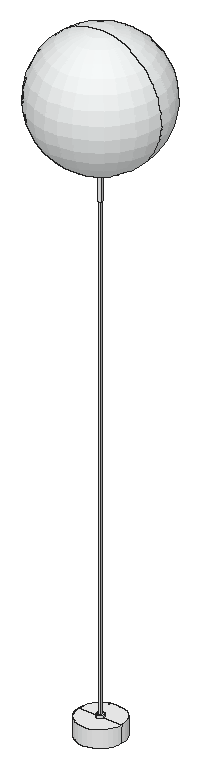
Revit family "56591.1_HOST_FACE_2015", category Lighting Fixtures, host Face, Revit 2015 (continued)
Types (5): name | Wattage | built-in parameter 1150134 | Photometric Web File | built-in parameter 1150142 | Model | built-in parameter 1150105 | Lumens | Lamp | built-in parameter 1150107 | built-in parameter 1150106 | Description | Default Elevation
    30 0.65 0.00 0.00 0.00 0.00 0.00 0.00 0.00 0.00 0.00 0.94 1.88 2.65 3.41 4.47 5.53 6.78 8.02 9.57 11.12\r\n 12.62 14.12 15.49 16.85 18.20 19.54 20.79 22.03 23.21 24.39 25.38 26.36 27.15 27.93 28.48 29.02 29.47 29.91 30.49 31.07 31.89 32.00\r\n0.99 1.00 1.02 1.02 1.02 1.04 1.06 1.09 1.13 1.14 1.16 1.17 1.20 1.23 1.26 1.27 1.29 1.31 1.32 1.33 1.34 1.34 1.34 1.35 1.35 1.34 1.33 1.32 1.32 1.32 1.31 0.72 0.08 0.00 0.00 0.00 0.00 0.00 0.00 0.00 0.11 1.01 1.91 2.67 3.45 4.48 5.54 6.84 8.13 9.66 11.19\r\n 12.67 14.16 15.52 16.89 18.23 19.57 20.81 22.05 23.23 24.40 25.39 26.37 27.15 27.93 28.48 29.02 29.47 29.91 30.49 31.07 31.89 32.00\r\n0.99 1.00 1.02 1.02 1.02 1.04 1.06 1.09 1.12 1.14 1.15 1.17 1.20 1.23 1.25 1.27 1.28 1.30 1.31 1.33 1.35 1.35 1.35 1.35 1.34 1.33 1.33 1.33 1.32 1.31 1.31 0.90 0.30 0.00 0.00 0.00 0.00 0.00 0.00 0.00 0.41 1.23 2.02 2.71 3.51 4.51 5.57 6.90 8.25 9.75 11.26\r\n 12.78 14.26 15.62 16.99 18.32 19.65 20.88 22.10 23.28 24.44 25.42 26.39 27.17 27.95 28.49 29.03 29.47 29.92 30.50 31.08 31.89 32.00\r\n0.99 1.00 1.02 1.02 1.03 1.04 1.06 1.09 1.12 1.13 1.14 1.17 1.20 1.23 1.25 1.26 1.28 1.30 1.32 1.33 1.35 1.35 1.35 1.35 1.34 1.34 1.33 1.33 1.33 1.32 1.31 1.18 0.64 0.15 0.00 0.00 0.00 0.00 0.00 0.20 0.83 1.56 2.24 2.89 3.73 4.71 5.79 7.07 8.43 9.89 11.39\r\n 12.94 14.42 15.78 17.12 18.45 19.76 20.98 22.19 23.36 24.50 25.48 26.43 27.21 27.97 28.51 29.04 29.48 29.92 30.50 31.08 31.90 32.00\r\n0.99 1.00 1.02 1.02 1.03 1.05 1.06 1.09 1.11 1.13 1.14 1.17 1.20 1.22 1.24 1.26 1.28 1.30 1.32 1.33 1.34 1.35 1.35 1.35 1.35 1.34 1.33 1.32 1.32 1.33 1.31 1.30 1.07 0.63 0.31 0.09 0.00 0.11 0.41 0.86 1.39 1.94 2.51 3.15 4.18 5.15 6.21 7.39 8.75 10.12 \r\n11.63 13.22 14.68 16.00 17.32 18.64 19.92 21.12 22.31 23.47 24.59 25.55 26.49 27.26 28.00 28.53 29.06 29.49 29.94 30.51 31.09 31.90 32.00\r\n0.99 1.00 1.02 1.02 1.03 1.05 1.06 1.09 1.11 1.12 1.14 1.17 1.19 1.22 1.24 1.26 1.27 1.29 1.31 1.32 1.34 1.35 1.35 1.35 1.34 1.33 1.32 1.32 1.33 1.32 1.31 1.32 1.30 1.18 0.92 0.80 0.80 0.95 1.22 1.60 2.00 2.42 2.89 3.67 4.62 5.65 6.75 7.82 9.29 10.71 \r\n12.13 13.63 15.01 16.29 17.58 18.87 20.12 21.30 22.47 23.61 24.70 25.65 26.55 27.32 28.04 28.57 29.08 29.51 29.96 30.53 31.11 31.91 32.00\r\n0.99 1.00 1.02 1.02 1.03 1.05 1.06 1.09 1.10 1.12 1.14 1.17 1.19 1.21 1.23 1.26 1.27 1.29 1.30 1.31 1.33 1.35 1.35 1.35 1.34 1.33 1.33 1.33 1.33 1.34 1.36 1.37 1.39 1.41 1.45 1.50 1.59 1.76 1.95 2.23 2.58 2.99 3.55 4.28 5.15 6.18 7.23 8.49 9.95 11.36 \r\n12.72 14.14 15.38 16.64 17.90 19.15 20.35 21.52 22.66 23.79 24.83 25.76 26.63 27.39 28.08 28.61 29.11 29.53 29.98 30.55 31.13 31.92 32.00\r\n0.99 1.00 1.02 1.02 1.03 1.05 1.06 1.08 1.10 1.12 1.14 1.16 1.18 1.20 1.23 1.25 1.27 1.28 1.29 1.31 1.33 1.34 1.35 1.35 1.35 1.34 1.35 1.36 1.38 1.40 1.46 1.50 1.54 1.60 1.72 1.85 2.03 2.25 2.49 2.80 3.17 3.74 4.38 5.04 5.87 6.85 7.85 9.19 10.62 11.99 \r\n13.28 14.58 15.80 17.03 18.25 19.48 20.63 21.78 22.88 23.99 24.98 25.90 26.73 27.48 28.14 28.65 29.14 29.56 30.01 30.57 31.15 31.93 32.00\r\n0.99 1.00 1.01 1.02 1.03 1.05 1.06 1.08 1.10 1.12 1.14 1.16 1.18 1.19 1.22 1.25 1.26 1.28 1.29 1.30 1.32 1.34 1.35 1.35 1.36 1.37 1.40 1.44 1.49 1.55 1.62 1.70 1.81 1.90 2.05 2.23 2.46 2.74 3.06 3.48 3.98 4.56 5.19 5.95 6.79 7.65 8.66 9.88 11.27 12.58 \r\n13.87 15.07 16.26 17.46 18.66 19.83 20.94 22.07 23.14 24.22 25.15 26.05 26.84 27.58 28.20 28.71 29.18 29.59 30.04 30.59 31.17 31.94 32.00\r\n0.99 1.00 1.01 1.02 1.03 1.05 1.06 1.08 1.10 1.12 1.14 1.16 1.18 1.19 1.21 1.24 1.25 1.27 1.28 1.29 1.31 1.33 1.35 1.37 1.40 1.44 1.51 1.58 1.66 1.76 1.85 1.98 2.13 2.29 2.51 2.76 3.06 3.39 3.77 4.22 4.77 5.36 6.04 6.84 7.71 8.61 9.51 10.61 11.90 13.23 \r\n14.44 15.58 16.79 17.91 19.09 20.21 21.29 22.37 23.42 24.45 25.34 26.22 26.97 27.70 28.26 28.76 29.22 29.62 30.08 30.62 31.20 31.95 32.00\r\n0.99 1.00 1.01 1.02 1.03 1.05 1.06 1.08 1.09 1.11 1.14 1.16 1.17 1.18 1.20 1.22 1.24 1.25 1.27 1.28 1.31 1.33 1.37 1.42 1.49 1.58 1.68 1.78 1.89 2.01 2.15 2.33 2.52 2.74 3.01 3.31 3.65 4.04 4.47 4.98 5.56 6.18 6.84 7.62 8.60 9.60 10.46 11.45 12.66 13.93 \r\n15.01 16.12 17.25 18.41 19.54 20.60 21.68 22.70 23.72 24.69 25.55 26.40 27.11 27.83 28.34 28.83 29.26 29.66 30.12 30.65 31.22 31.97 32.00\r\n0.99 1.00 1.01 1.02 1.03 1.05 1.06 1.07 1.09 1.11 1.13 1.15 1.17 1.18 1.20 1.21 1.23 1.24 1.25 1.28 1.31 1.37 1.45 1.53 1.64 1.76 1.89 2.02 2.16 2.33 2.50 2.71 2.96 3.25 3.56 3.91 4.31 4.75 5.22 5.77 6.38 7.01 7.69 8.49 9.43 10.46 11.41 12.34 13.48 14.55 \r\n15.60 16.68 17.78 18.89 19.98 21.01 22.05 23.06 24.05 24.93 25.78 26.57 27.26 27.95 28.42 28.90 29.31 29.70 30.16 30.68 31.26 31.98 32.00\r\n0.99 1.00 1.01 1.02 1.03 1.04 1.06 1.07 1.09 1.10 1.12 1.15 1.16 1.17 1.19 1.20 1.22 1.24 1.27 1.30 1.36 1.46 1.55 1.68 1.82 1.97 2.13 2.29 2.48 2.70 2.93 3.18 3.45 3.78 4.13 4.52 4.96 5.45 5.96 6.54 7.19 7.84 8.55 9.36 10.25 11.20 12.16 13.16 14.16 15.17\r\n 16.22 17.26 18.32 19.40 20.42 21.45 22.44 23.42 24.39 25.20 26.02 26.75 27.43 28.04 28.51 29.00 29.36 29.74 30.21 30.72 31.29 32.00 32.00\r\n0.99 1.00 1.01 1.02 1.03 1.04 1.06 1.07 1.08 1.10 1.12 1.14 1.15 1.16 1.18 1.20 1.21 1.25 1.28 1.33 1.46 1.56 1.71 1.84 2.03 2.21 2.40 2.61 2.83 3.09 3.37 3.66 3.98 4.34 4.74 5.19 5.67 6.18 6.72 7.32 7.97 8.66 9.38 10.19 11.05 11.96 12.91 13.86 14.82 \r\n15.83 16.82 17.86 18.89 19.89 20.88 21.88 22.84 23.79 24.68 25.48 26.28 26.94 27.61 28.15 28.60 29.05 29.42 29.79 30.26 30.76 31.33 32.02 32.00\r\n0.99 1.00 1.01 1.02 1.03 1.04 1.05 1.06 1.08 1.09 1.11 1.13 1.14 1.15 1.17 1.19 1.22 1.26 1.30 1.43 1.56 1.72 1.88 2.07 2.26 2.48 2.70 2.94 3.22 3.52 3.84 4.17 4.54 4.93 5.36 5.85 6.38 6.91 7.47 8.09 8.75 9.47 10.20 11.00 11.85 12.73 13.63 14.55 15.52 \r\n16.46 17.44 18.44 19.42 20.38 21.36 22.30 23.25 24.18 24.98 25.79 26.50 27.14 27.80 28.26 28.70 29.12 29.48 29.84 30.31 30.80 31.37 32.04 32.00\r\n0.99 1.00 1.01 1.02 1.03 1.04 1.05 1.06 1.07 1.09 1.11 1.12 1.13 1.15 1.17 1.18 1.24 1.28 1.39 1.54 1.70 1.89 2.09 2.30 2.53 2.76 3.04 3.32 3.62 3.97 4.33 4.70 5.12 5.55 6.02 6.54 7.09 7.64 8.23 8.85 9.52 10.27 11.02 11.79 12.61 13.48 14.35 15.26 16.17 \r\n17.11 18.07 19.01 19.95 20.89 21.82 22.75 23.67 24.52 25.29 26.07 26.73 27.35 27.95 28.38 28.81 29.19 29.54 29.90 30.37 30.85 31.41 32.06 32.00\r\n0.99 1.00 1.01 1.01 1.03 1.04 1.05 1.06 1.07 1.08 1.10 1.12 1.13 1.14 1.16 1.21 1.26 1.33 1.49 1.65 1.86 2.06 2.30 2.54 2.82 3.10 3.40 3.72 4.04 4.43 4.82 5.23 5.69 6.17 6.68 7.22 7.79 8.37 8.98 9.61 10.29 11.02 11.76 12.54 13.36 14.23 15.08 15.95 16.85 \r\n17.78 18.66 19.58 20.48 21.42 22.30 23.21 24.07 24.84 25.62 26.32 26.96 27.57 28.07 28.51 28.92 29.27 29.61 29.98 30.43 30.90 31.45 32.08 32.00\r\n0.99 1.00 1.01 1.01 1.02 1.04 1.05 1.05 1.06 1.07 1.09 1.11 1.12 1.13 1.17 1.23 1.29 1.42 1.58 1.79 2.02 2.26 2.52 2.81 3.12 3.44 3.77 4.11 4.49 4.90 5.32 5.76 6.24 6.75 7.29 7.87 8.46 9.06 9.69 10.35 11.04 11.77 12.52 13.30 14.09 14.92 15.77 16.64 17.53 \r\n18.37 19.25 20.14 21.03 21.91 22.79 23.66 24.43 25.18 25.97 26.57 27.19 27.80 28.21 28.63 29.02 29.35 29.68 30.06 30.50 30.95 31.50 32.11 32.00\r\n0.99 1.00 1.01 1.01 1.02 1.03 1.04 1.05 1.05 1.07 1.09 1.10 1.11 1.12 1.19 1.26 1.36 1.52 1.68 1.95 2.19 2.48 2.75 3.08 3.42 3.77 4.15 4.52 4.94 5.37 5.82 6.30 6.80 7.33 7.91 8.51 9.12 9.74 10.40 11.08 11.78 12.50 13.25 14.01 14.81 15.64 16.46 17.29 18.13\r\n 18.97 19.84 20.70 21.57 22.42 23.30 24.04 24.80 25.54 26.21 26.83 27.43 27.95 28.36 28.76 29.12 29.43 29.76 30.15 30.57 31.00 31.55 32.13 32.00\r\n0.99 1.00 1.01 1.01 1.02 1.03 1.04 1.04 1.05 1.06 1.08 1.09 1.10 1.11 1.20 1.28 1.45 1.62 1.85 2.11 2.40 2.70 3.02 3.36 3.72 4.09 4.50 4.92 5.38 5.85 6.33 6.84 7.37 7.92 8.53 9.16 9.81 10.44 11.10 11.78 12.49 13.22 13.99 14.74 15.51 16.31 17.10 17.91 \r\n18.74 19.58 20.41 21.26 22.10 22.95 23.69 24.44 25.17 25.86 26.47 27.09 27.65 28.09 28.51 28.90 29.22 29.52 29.84 30.23 30.64 31.06 31.60 32.16 32.00\r\n0.99 1.00 1.00 1.01 1.02 1.03 1.03 1.03 1.04 1.06 1.08 1.08 1.09 1.13 1.22 1.33 1.54 1.74 2.01 2.28 2.61 2.94 3.29 3.65 4.03 4.42 4.86 5.32 5.81 6.32 6.84 7.38 7.94 8.51 9.15 9.81 10.49 11.13 11.80 12.48 13.18 13.90 14.66 15.40 16.17 16.95 17.74 18.55 \r\n19.35 20.18 20.99 21.84 22.62 23.37 24.10 24.86 25.52 26.15 26.75 27.35 27.81 28.24 28.67 29.00 29.32 29.61 29.94 30.33 30.71 31.12 31.66 32.18 32.00\r\n0.99 1.00 1.00 1.01 1.02 1.03 1.03 1.03 1.04 1.06 1.07 1.07 1.08 1.15 1.25 1.42 1.63 1.88 2.16 2.46 2.81 3.17 3.56 3.95 4.35 4.79 5.23 5.73 6.25 6.78 7.34 7.91 8.50 9.09 9.73 10.39 11.07 11.75 12.43 13.12 13.82 14.54 15.30 16.06 16.84 17.59 18.38 19.17 \r\n19.97 20.78 21.58 22.31 23.04 23.79 24.52 25.20 25.82 26.44 27.04 27.53 27.97 28.39 28.82 29.12 29.42 29.71 30.05 30.42 30.79 31.21 31.71 32.21 32.00\r\n0.99 1.00 1.00 1.01 1.01 1.02 1.02 1.02 1.04 1.05 1.06 1.07 1.08 1.18 1.27 1.50 1.73 2.01 2.30 2.65 3.00 3.39 3.79 4.23 4.67 5.15 5.63 6.14 6.67 7.22 7.81 8.42 9.04 9.66 10.31 10.97 11.65 12.36 13.06 13.76 14.46 15.18 15.94 16.70 17.46 18.23 19.03 19.81 \r\n20.59 21.31 22.03 22.75 23.48 24.21 24.88 25.51 26.14 26.74 27.26 27.69 28.14 28.55 28.92 29.23 29.52 29.81 30.17 30.52 30.87 31.29 31.77 32.24 32.00\r\n0.99 1.00 1.00 1.01 1.01 1.02 1.02 1.02 1.03 1.05 1.05 1.06 1.10 1.20 1.33 1.58 1.83 2.14 2.45 2.81 3.18 3.60 4.02 4.48 4.95 5.46 5.99 6.53 7.08 7.66 8.26 8.88 9.52 10.17 10.85 11.54 12.26 12.95 13.66 14.36 15.07 15.80 16.56 17.34 18.09 18.85 19.60 20.34 \r\n21.07 21.78 22.50 23.20 23.89 24.55 25.22 25.83 26.45 26.95 27.43 27.86 28.30 28.69 29.03 29.35 29.63 29.95 30.29 30.62 30.95 31.38 31.83 32.27 32.00\r\n0.99 1.00 1.00 1.00 1.01 1.01 1.01 1.01 1.03 1.05 1.05 1.05 1.12 1.22 1.40 1.66 1.94 2.26 2.60 2.97 3.37 3.80 4.25 4.72 5.22 5.74 6.30 6.87 7.46 8.06 8.70 9.34 10.00 10.68 11.39 12.12 12.86 13.55 14.26 14.96 15.67 16.38 17.13 17.90 18.61 19.35 20.09 20.83\r\n 21.55 22.26 22.93 23.60 24.26 24.91 25.56 26.14 26.65 27.13 27.59 28.04 28.44 28.81 29.15 29.48 29.75 30.09 30.41 30.73 31.04 31.47 31.89 32.30 32.00\r\n0.99 1.00 1.00 1.00 1.01 1.01 1.01 1.01 1.03 1.04 1.04 1.04 1.14 1.24 1.47 1.74 2.04 2.37 2.74 3.12 3.55 3.99 4.48 4.97 5.49 6.02 6.62 7.22 7.83 8.46 9.12 9.79 10.46 11.16 11.87 12.60 13.34 14.04 14.76 15.46 16.18 16.89 17.64 18.41 19.13 19.86 20.58 21.29\r\n 21.97 22.66 23.33 24.00 24.65 25.28 25.81 26.33 26.83 27.31 27.77 28.20 28.58 28.95 29.27 29.60 29.91 30.24 30.54 30.83 31.16 31.56 31.95 32.33 32.00\r\n0.99 1.00 1.00 1.00 1.01 1.01 1.00 1.01 1.02 1.03 1.03 1.04 1.16 1.27 1.54 1.81 2.14 2.48 2.87 3.26 3.72 4.18 4.70 5.22 5.76 6.31 6.92 7.53 8.16 8.81 9.50 10.20 10.90 11.62 12.35 13.08 13.81 14.53 15.25 15.96 16.67 17.38 18.12 18.86 19.57 20.27 20.97 \r\n21.69 22.37 23.07 23.73 24.36 24.92 25.48 26.00 26.53 27.02 27.51 27.92 28.35 28.71 29.08 29.40 29.76 30.07 30.38 30.67 30.94 31.29 31.65 32.02 32.36 32.00\r\n0.99 0.99 1.00 1.00 1.01 1.00 1.00 1.00 1.02 1.03 1.02 1.06 1.18 1.33 1.60 1.88 2.23 2.58 2.99 3.40 3.89 4.37 4.90 5.44 6.01 6.59 7.20 7.83 8.47 9.13 9.81 10.51 11.21 11.95 12.70 13.44 14.18 14.90 15.62 16.35 17.08 17.81 18.54 19.27 19.98 20.68 21.38 \r\n22.07 22.72 23.36 23.96 24.56 25.12 25.68 26.20 26.73 27.19 27.65 28.07 28.49 28.86 29.22 29.57 29.93 30.24 30.53 30.81 31.08 31.42 31.75 32.08 32.40 32.00\r\n0.99 0.99 1.00 1.00 1.00 1.00 0.99 1.00 1.02 1.02 1.02 1.07 1.20 1.38 1.65 1.95 2.31 2.69 3.11 3.55 4.05 4.56 5.09 5.63 6.20 6.80 7.42 8.07 8.73 9.40 10.09 10.79 11.51 12.27 13.04 13.80 14.55 15.26 15.98 16.73 17.47 18.20 18.91 19.61 20.29 20.97 21.63 \r\n22.29 22.92 23.55 24.16 24.77 25.34 25.87 26.39 26.89 27.36 27.81 28.23 28.64 29.02 29.41 29.77 30.10 30.41 30.68 30.96 31.24 31.55 31.85 32.15 32.43 32.00\r\n0.99 0.99 1.00 1.00 1.00 1.00 0.99 1.00 1.01 1.02 1.02 1.09 1.21 1.42 1.70 2.02 2.39 2.79 3.21 3.67 4.17 4.69 5.24 5.81 6.39 6.99 7.62 8.28 8.95 9.64 10.33 11.04 11.75 12.51 13.28 14.05 14.82 15.53 16.25 16.99 17.72 18.43 19.14 19.84 20.53 21.21 21.87 \r\n22.52 23.16 23.76 24.36 24.95 25.51 26.04 26.56 27.06 27.53 27.97 28.39 28.83 29.23 29.61 29.96 30.28 30.58 30.84 31.13 31.41 31.68 31.95 32.22 32.46 32.00\r\n0.99 0.99 1.00 1.00 1.00 1.00 0.99 1.00 1.01 1.01 1.01 1.10 1.23 1.46 1.74 2.09 2.47 2.88 3.31 3.78 4.27 4.80 5.35 5.93 6.53 7.16 7.82 8.48 9.16 9.85 10.56 11.27 11.99 12.75 13.52 14.30 15.08 15.80 16.52 17.24 17.96 18.66 19.36 20.07 20.76 21.43 22.09 \r\n22.72 23.35 23.96 24.55 25.13 25.69 26.22 26.74 27.25 27.73 28.18 28.63 29.05 29.45 29.82 30.17 30.47 30.78 31.05 31.33 31.57 31.82 32.05 32.29 32.50 32.00\r\n0.99 0.99 0.99 1.00 1.00 1.00 0.99 1.00 1.01 1.01 1.01 1.11 1.23 1.49 1.79 2.15 2.54 2.97 3.42 3.89 4.38 4.90 5.44 6.04 6.65 7.32 8.01 8.68 9.34 10.05 10.77 11.49 12.22 12.97 13.73 14.49 15.25 15.99 16.73 17.45 18.17 18.87 19.56 20.27 20.98 21.64 22.29 \r\n22.93 23.56 24.17 24.76 25.33 25.89 26.44 26.98 27.49 27.98 28.43 28.87 29.28 29.68 30.03 30.37 30.68 31.01 31.27 31.53 31.74 31.96 32.16 32.36 32.53 32.00\r\n0.99 0.99 0.99 1.00 1.00 0.99 0.99 1.00 1.00 1.01 1.01 1.12 1.24 1.52 1.82 2.20 2.60 3.05 3.52 4.01 4.51 5.05 5.60 6.20 6.80 7.48 8.18 8.85 9.51 10.24 10.97 11.70 12.44 13.18 13.95 14.67 15.42 16.18 16.95 17.67 18.39 19.08 19.78 20.49 21.20 21.87 22.53 \r\n23.17 23.82 24.43 25.04 25.61 26.17 26.72 27.25 27.75 28.24 28.68 29.12 29.52 29.91 30.29 30.66 30.97 31.27 31.51 31.74 31.92 32.09 32.26 32.43 32.57 32.00\r\n0.99 0.99 0.99 0.99 1.00 0.99 0.99 0.99 1.00 1.01 1.01 1.13 1.27 1.56 1.86 2.26 2.66 3.13 3.61 4.12 4.63 5.19 5.75 6.36 6.97 7.64 8.32 9.00 9.68 10.40 11.12 11.86 12.63 13.37 14.15 14.90 15.68 16.42 17.17 17.89 18.62 19.32 20.02 20.74 21.46 22.13 22.80 \r\n23.46 24.12 24.73 25.34 25.91 26.47 27.00 27.53 28.03 28.52 28.99 29.45 29.86 30.27 30.62 30.97 31.26 31.54 31.74 31.94 32.09 32.23 32.37 32.50 32.60 32.00\r\n0.99 0.99 0.99 0.99 0.99 0.99 0.99 0.99 1.00 1.00 1.01 1.15 1.30 1.59 1.90 2.31 2.72 3.19 3.68 4.20 4.72 5.30 5.88 6.51 7.15 7.79 8.48 9.15 9.87 10.56 11.29 12.02 12.78 13.55 14.34 15.13 15.93 16.66 17.40 18.13 18.86 19.57 20.29 21.01 21.74 22.42 23.11 \r\n23.79 24.46 25.08 25.71 26.28 26.86 27.39 27.94 28.44 28.95 29.40 29.86 30.25 30.64 30.96 31.29 31.55 31.81 31.98 32.15 32.26 32.38 32.47 32.57 32.64 32.00\r\n0.99 0.99 0.99 0.99 0.99 0.99 0.99 0.99 0.99 1.00 1.01 1.16 1.31 1.62 1.94 2.35 2.77 3.25 3.73 4.26 4.80 5.39 5.99 6.64 7.30 7.97 8.65 9.36 10.07 10.82 11.57 12.32 13.08 13.87 14.66 15.46 16.27 17.02 17.77 18.51 19.26 19.98 20.70 21.44 22.18 22.87 23.56 \r\n24.23 24.90 25.52 26.15 26.72 27.30 27.84 28.37 28.88 29.38 29.83 30.28 30.64 31.01 31.31 31.61 31.85 32.08 32.22 32.36 32.44 32.52 32.58 32.64 32.67 32.00\r\n0.99 0.99 0.99 0.99 0.99 0.99 0.99 0.99 0.99 1.00 1.01 1.17 1.33 1.65 1.96 2.39 2.81 3.29 3.77 4.32 4.86 5.47 6.07 6.76 7.44 8.13 8.82 9.55 10.28 11.07 11.85 12.62 13.39 14.18 14.97 15.79 16.61 17.38 18.14 18.90 19.66 20.40 21.13 21.88 22.63 23.33 24.03 \r\n24.69 25.34 25.97 26.60 27.18 27.76 28.29 28.82 29.33 29.83 30.27 30.70 31.05 31.39 31.67 31.94 32.15 32.35 32.46 32.57 32.62 32.66 32.69 32.71 32.71 32.00\r\n0.99 1.02 1.05 1.08 1.11 1.14 1.17 1.20 1.23 1.27 1.32 1.51 1.70 2.05 2.42 2.88 3.35 3.87 4.40 4.99 5.59 6.25 6.93 7.65 8.38 9.12 9.88 10.66 11.45 12.27 13.10 13.91 14.74 15.60 16.46 17.30 18.15 18.95 19.76 20.54 21.33 22.12 22.91 23.65 24.39 25.09 25.78 \r\n26.43 27.07 27.70 28.32 28.86 29.40 29.89 30.37 30.81 31.25 31.62 31.98 32.26 32.53 32.72 32.91 33.03 33.15 33.16 33.17 33.12 33.07 32.99 32.91 32.81 32.00\r\n0.99 1.05 1.11 1.17 1.23 1.29 1.35 1.41 1.47 1.55 1.62 1.84 2.07 2.46 2.86 3.36 3.87 4.44 5.01 5.65 6.30 7.03 7.76 8.52 9.31 10.09 10.93 11.75 12.62 13.46 14.34 15.20 16.13 17.03 17.96 18.82 19.68 20.53 21.39 22.22 23.05 23.85 24.69 25.43 26.16 26.85 \r\n27.54 28.19 28.82 29.44 30.05 30.56 31.06 31.50 31.92 32.31 32.68 32.98 33.27 33.48 33.67 33.78 33.89 33.92 33.95 33.87 33.78 33.63 33.47 33.30 33.12 32.91 32.00\r\n0.99 1.08 1.17 1.26 1.35 1.44 1.53 1.62 1.71 1.82 1.93 2.17 2.42 2.85 3.29 3.83 4.38 5.04 5.82 6.67 7.52 8.43 9.34 10.27 11.18 12.14 13.08 14.05 15.00 15.97 16.92 17.88 18.85 19.82 20.82 21.72 22.63 23.49 24.33 25.14 25.93 26.72 27.49 28.19 28.87 29.50 \r\n30.11 30.67 31.22 31.73 32.22 32.63 33.01 33.31 33.60 33.84 34.12 34.35 34.56 34.70 34.81 34.85 34.87 34.81 34.75 34.57 34.38 34.13 33.88 33.60 33.32 33.02 32.00\r\n0.99 1.11 1.23 1.3
